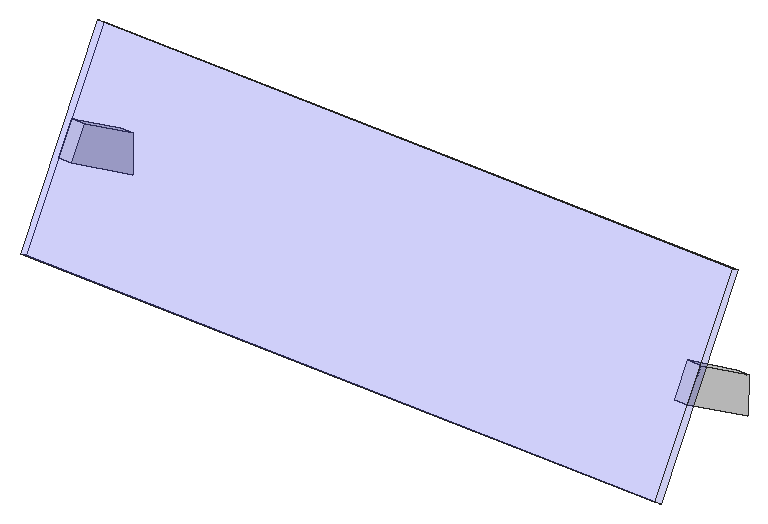
Revit family
Parameters
  Width = 985 mm
  Height = 300 mm
  프레임 = 루버 프레임
  유리 = 루버 유리
Reference planes
  plane 1 "중심(앞/뒤)": y = 0
  plane 2: z = 0
  plane 3 "중심(왼쪽/오른쪽)": x = -2.5
  plane 4: y = 150
  plane 5: x = -495
  plane 6: x = 490
  plane 7: x = -475
  plane 8: x = 480
  plane 9: x = 460
  plane 10: through (0, -118.036, 137.404) normal (0, -0.5, -0.866)
Forms (mm)
  Extrusion 1, solid, material "루버 유리" <- "유리"
    sketch origin (490, 1296.25, 1200) x (0, 1, 0) y (0, 0, 1)
      loop
        line (-1339.287, -932.692) -> (-1489.287, -1192.5) -> (-1476.297, -1200) -> (-1326.297, -940.192) -> (-1339.287, -932.692)
    from 0 to -985
  Extrusion 2, solid, material "루버 프레임" <- "프레임"
    sketch origin (490, 1296.25, 1200) x (0, 1, 0) y (0, 0, 1)
      loop
        line (-1296.25, -1101.877) -> (-1388.797, -1048.446) -> (-1413.797, -1091.747) -> (-1296.25, -1159.612) -> (-1296.25, -1101.877)
    from -965 to -985
  Extrusion 3, solid, material "루버 프레임" <- "프레임"
    sketch origin (1445, 1296.25, 1200) x (0, 1, 0) y (0, 0, 1)
      loop
        line (-1296.25, -1101.877) -> (-1388.797, -1048.446) -> (-1413.797, -1091.747) -> (-1296.25, -1159.612) -> (-1296.25, -1101.877)
    from -965 to -985
Dimensions and locks
  "Width": plane 5 to plane 6
  locked: plane 5 to plane 7 at 20
  plane 9 to plane 8 to plane 6 = 20 mm locked, 10 mm locked
  equal spacing: plane 5, plane 3 "중심(왼쪽/오른쪽)", plane 6
  equal spacing: Extrusion 1 sketch curve, plane 10, Extrusion 1 sketch curve
  "Height": Extrusion 1 sketch curve to Extrusion 1 sketch curve
  locked: Extrusion 1 sketch curve to Extrusion 1 sketch curve at 15
  aligned and locked: Extrusion 1 to plane 5
  aligned and locked: Extrusion 2 to plane 5
  aligned and locked: plane 7 to Extrusion 2
  aligned and locked: Extrusion 3 to plane 9
  aligned and locked: plane 8 to Extrusion 3
  aligned and locked: Extrusion 1 sketch curve to Extrusion 2
Automatic sketch dimensions
  Extrusion 2 sketch curve to plane 1 "중심(앞/뒤)" = 0 mm
  plane 1 "중심(앞/뒤)" to Extrusion 2 sketch curve = 92.546 mm
  Extrusion 2 sketch curve to Extrusion 2 sketch curve = 25 mm
  level to Extrusion 2 sketch curve = 40.388 mm
  Extrusion 2 sketch curve to Extrusion 2 sketch curve = 57.735 mm
  Extrusion 3 sketch curve to plane 1 "중심(앞/뒤)" = 0 mm
  plane 1 "중심(앞/뒤)" to Extrusion 3 sketch curve = 92.546 mm
  Extrusion 3 sketch curve to Extrusion 3 sketch curve = 25 mm
  level to Extrusion 3 sketch curve = 40.388 mm
  Extrusion 3 sketch curve to Extrusion 3 sketch curve = 57.735 mm
